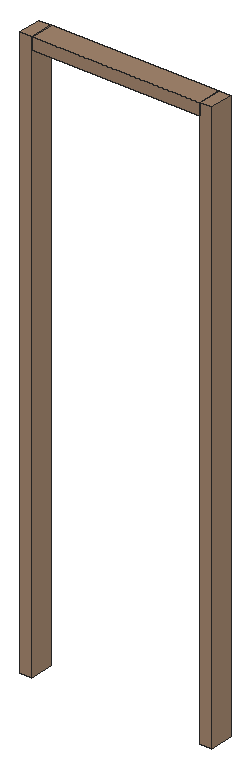
Revit family "LC Passage-800x2400 - A11", category Doors, host Wall, Revit 2027
Family settings
  Host = Wall
  Always vertical = Yes
  Cut with Voids When Loaded = No
  Shared = No
  Room Calculation Point = No
Parameters (values of type "A11 nominal size")
  Function = Interior
  Frame Projection Ext. = 25 mm
  Frame Projection Int. = 25 mm
  Frame Width = 75 mm
  Height = 2400 mm  # constant formula
  Wall Closure = By host
  Width = 800 mm  # constant formula
  Description = "A07/A08 position, A11 overall sizes. Frame50x100 and glazing6mm are visual coordination profiles; manufacturer sections/glazing specification pending. Panel divisions follow schedule appearance, undimensioned divisions provisional."
Reference planes
  plane 1: y = 0
  plane 2 "Center (Left/Right)": x = 0
  plane 3 "Left": x = -400
  plane 4 "Right": x = 400
  plane 5: z = 2400
  plane 6 "Exterior": y = 75
  plane 7 "Interior": y = -75
Forms (mm)
  Extrusion 1, solid, material "LC Door timber - selected finish pending"
    sketch origin (0, 0, 0) x (1, 0, 0) y (0, 1, 0)
      loop
        line (-400, -50) -> (-350, -50) -> (-350, 50) -> (-400, 50) -> (-400, -50)
    from 0 to 2400
  Extrusion 2, solid, material "LC Door timber - selected finish pending"
    sketch origin (0, 0, 0) x (1, 0, 0) y (0, 1, 0)
      loop
        line (350, -50) -> (400, -50) -> (400, 50) -> (350, 50) -> (350, -50)
    from 0 to 2400
  Extrusion 3, solid, material "LC Door timber - selected finish pending"
    sketch origin (0, 0, 0) x (1, 0, 0) y (0, 1, 0)
      loop
        line (-350, -50) -> (350, -50) -> (350, 50) -> (-350, 50) -> (-350, -50)
    from 2350 to 2400
Lines and regions (mm)
  Opening 1
    outline origin (-3050, -75, 0) x (1, 0, 0) y (0, 0, 1)
      loop
        line (2650, 0) -> (3450, 0) -> (3450, 2400) -> (2650, 2400) -> (2650, 0)
  symbolic lines, style "Elevation Swing"
    curve 1: line (400, -75, 1200) -> (-400, -75, 2400)
    curve 2: line (400, -75, 1200) -> (-400, -75, 0)
Text (mm)
  text "Exterior" at (-1376.75, 1099.543, 0), in view "Ref. Level"
  text "Exterior" at (0, 1615.38, 3698.081), in view "Left"
  text "Exterior" at (0, 1036.032, 3874.932), in view "Right"
Dimensions and locks
  equal spacing: plane 3 "Left", plane 2 "Center (Left/Right)", plane 4 "Right"
  "Width": plane 3 "Left" to plane 4 "Right"
  "Height": plane 5 to host wall
  equal spacing: host wall, curve 2, plane 5
  host wall to plane 5 = 2400 mm
  locked: plane 6 "Exterior" to host wall
  locked: plane 7 "Interior" to host wall
  aligned and locked: plane 3 "Left" to Opening 1 sketch curve
  aligned and locked: plane 5 to Opening 1 sketch curve  (x2)
  aligned and locked: Opening 1 sketch curve to plane 4 "Right"
  aligned and locked: Opening 1 sketch curve to level
  aligned and locked: plane 5 to curve 1
  aligned and locked: plane 3 "Left" to curve 2
  aligned and locked: plane 1 to host wall
  aligned and locked: plane 3 "Left" to curve 1
Automatic sketch dimensions
  plane 4 "Right" to curve 2 = 0 mm
  curve 2 to level = 0 mm
  Extrusion 1 sketch curve to plane 3 "Left" = 0 mm
  Extrusion 1 sketch curve to host wall = 25 mm  (x2)
  Extrusion 1 sketch curve to Extrusion 1 sketch curve = 50 mm
  Extrusion 2 sketch curve to plane 4 "Right" = 0 mm
  Extrusion 2 sketch curve to host wall = 25 mm  (x2)
  plane 4 "Right" to Extrusion 2 sketch curve = 50 mm
  Extrusion 3 sketch curve to host wall = 25 mm  (x2)
  Extrusion 3 sketch curve to plane 3 "Left" = 50 mm
  plane 4 "Right" to Extrusion 3 sketch curve = 50 mm
